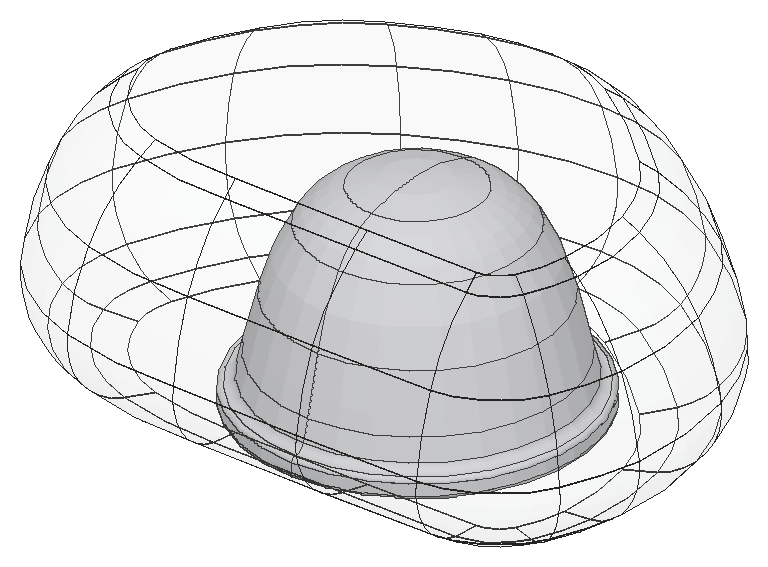
Revit family "Accessory-Drawer_Pull-KOHLER-Landshapes-K-34748-1", category Specialty Equipment, host Face, Revit 2021
Family settings
  Host = Face
  Round Connector Dimension = Use Diameter
  Part Type = Normal
  OmniClass Number = 23.21.19.17.13
  OmniClass Title = Casework Component Hardware
  Cut with Voids When Loaded = No
  Shared = No
  Room Calculation Point = No
Parameters (values of type "0L-Clear")
  Width = 4.03543"  # constant formula
  WaterSense Certified = 1 = 0  # no
  URL = "https://www.us.kohler.com/us/"
  Type = 1
  Product Page URL = "http://www.us.kohler.com/us/catalog/productDetails.jsp?productNumber=34748"
  Product Name = "Landshapes"  # constant formula
  Product Documentation Link = "https://www.us.kohler.com/webassets/kpna/catalog/pdf/en/K-34748_spec_US-CA_Kohler_en.pdf"
  Model = "K-34748-0L"  # constant formula
  Material = "Glass"  # constant formula
  Master Format 2014 Name = "Toilet, Bath, and Laundry Accessories"  # constant formula
  Master Format 2014 = "10 28 00"  # constant formula
  Manufacturer Address = "444 Highland Dr, Kohler, WI 53044"  # constant formula
  Manufacturer = "Kohler Co."  # constant formula
  Length = 1.87795"  # constant formula
  Height = 3.12992"  # constant formula
  Finish = Glass-GL-CR-PL
  Environmental Product Declaration = ""
  Description = "Vanity Hardware - Daniel Arsham"  # constant formula
  Default Elevation = 42"
  Declare Label = ""
  Date Modified = "05/07/2024"  # constant formula
  Date Created = "05/07/2024"  # constant formula
  Copyright = "Copyright Kohler Co."  # constant formula
  Contact Us = "https://www.us.kohler.com/us/static/contact.jsp"
  Assembly Code = "C1030200"
  ADA Compliant = 1 = 0  # no
Reference planes (in)
  plane 1 "Center (Front/Back)": y = 0
  plane 2: z = 0
  plane 3 "Center (Left/Right)": x = 0
  plane 4: y = 1.56299
  plane 5: x = -2.06299
  plane 6: x = 1.97244
  plane 7: y = -1.56693
  plane 8: z = 1.87795
  plane 9: z = 0.11811
  plane 10: y = 1.01969
  plane 11: y = -1.01969
Dimensions and locks (in)
  "Width": plane 5 to plane 6
  "Height": plane 7 to plane 4
  "Length": plane 8 to level
  plane 1 "Center (Front/Back)" to plane 4 = 1.56299"
  plane 3 "Center (Left/Right)" to plane 6 = 1.97244"
  plane 10 to plane 11 = 2.03937"
  level to plane 9 = 0.11811"
  aligned and locked: plane 2 to host face
  aligned and locked: level to host face
  aligned and locked: plane 3 "Center (Left/Right)" to nested 1
  aligned and locked: plane 4 to nested 1
  aligned and locked: plane 7 to nested 1
  aligned and locked: plane 5 to nested 1
  aligned and locked: plane 6 to nested 1
  aligned and locked: plane 11 to nested 1
Automatic sketch dimensions
  host sketch curve to host sketch curve = 96"  (x2)
Nested families (in)
  nested 1: "K-34748" at (0, 0, 0), type "K-34748"
Definition of nested family "K-34748"
  Parameters
    Material = none
    Default Elevation = 0"
  Reference planes (in)
    plane 1 "Center (Front/Back)": y = 0
    plane 2: z = 0
    plane 3 "Center (Left/Right)": x = 0
    plane 4: x = 1.97244
    plane 5: x = -2.06299
    plane 6: y = 1.56299
    plane 7: y = -1.56693
    plane 8: z = 1.87795
    plane 9: z = 0.11811
    plane 10: y = 1.01969
    plane 11: y = -1.01969
  Forms (in)
    Sweep 1, solid, material <- "Material", detail levels medium+fine
      path origin (0, 0, 0) x (1, 0, 0) y (0, 1, 0)
        loop
          arc (0.44206, -1.54065) -> (0.82921, -1.54927) -> (1.21609, -1.53238) r 5.8793
          arc (1.21609, -1.53238) -> (1.57501, -1.40845) -> (1.82722, -1.12461) r 0.75
          arc (1.82722, -1.12461) -> (1.91888, -0.89822) -> (1.97053, -0.6595) r 1.42465
          arc (1.97053, -0.6595) -> (1.98102, -0.29042) -> (1.91882, 0.07354) r 1.87096
          arc (1.91882, 0.07354) -> (1.75143, 0.47303) -> (1.48788, 0.81675) r 1.68767
          arc (1.48788, 0.81675) -> (1.14816, 1.11787) -> (0.77343, 1.3741) r 3.61996
          arc (0.77343, 1.3741) -> (0.4231, 1.52258) -> (0.04575, 1.57136) r 1.4017
          arc (0.04575, 1.57136) -> (-0.24433, 1.54675) -> (-0.52719, 1.47788) r 1.89016
          arc (-0.52719, 1.47788) -> (-0.81554, 1.36656) -> (-1.09065, 1.22564) r 2.94538
          arc (-1.09065, 1.22564) -> (-1.44953, 0.95477) -> (-1.7333, 0.606) r 1.86821
          arc (-1.7333, 0.606) -> (-1.88723, 0.32496) -> (-2.00563, 0.02719) r 2.61491
          arc (-2.00563, 0.02719) -> (-2.05458, -0.27208) -> (-2.00992, -0.57203) r 0.98224
          arc (-2.00992, -0.57203) -> (-1.67316, -1.12322) -> (-1.1162, -1.45037) r 1.32815
          arc (-1.1162, -1.45037) -> (-0.74109, -1.52686) -> (-0.35846, -1.5393) r 2.27284
          arc (-0.35846, -1.5393) -> (0.04181, -1.52926) -> (0.44206, -1.54065) r 7.48465
      profile origin (0.4231, 1.52258, 0) x (-0.261636, -0.965167, 0) y (0, 0, 1)
        loop
          arc (0.13793, 0.25995) -> (0.23916, 0.18848) -> (0.35631, 0.14807) r 0.44001
          arc (0.35631, 0.14807) -> (0.45158, 0.13161) -> (0.54743, 0.11896) r 2.43253
          line (0.54743, 0.11896) -> (0.54743, 1.59326)
          arc (0.54743, 1.59326) -> (0.49929, 1.55883) -> (0.45253, 1.52257) r 1.52712
          arc (0.45253, 1.52257) -> (0.26619, 1.33127) -> (0.13044, 1.1013) r 1.12005
          arc (0.13044, 1.1013) -> (0.04912, 0.87105) -> (0.00278, 0.63131) r 1.64528
          arc (0.00278, 0.63131) -> (0.02632, 0.4296) -> (0.13793, 0.25995) r 0.44001
    Extrusion 2, solid, material <- "Material", detail levels medium+fine
      sketch origin (0, 0, 0) x (1, 0, 0) y (0, 1, 0)
        loop
          arc (1.09979, 0.43066) -> (0.81145, 0.68625) -> (0.49338, 0.90373) r 3.07253
          arc (0.49338, 0.90373) -> (0.27987, 0.99422) -> (0.04989, 1.02395) r 0.85427
          arc (0.04989, 1.02395) -> (-0.15617, 1.00646) -> (-0.35711, 0.95754) r 1.34273
          arc (-0.35711, 0.95754) -> (-0.59187, 0.86691) -> (-0.81584, 0.75218) r 2.39795
          arc (-0.81584, 0.75218) -> (-1.06956, 0.56068) -> (-1.27019, 0.31412) r 1.32078
          arc (-1.27019, 0.31412) -> (-1.39189, 0.0919) -> (-1.4855, -0.14352) r 2.06748
          arc (-1.4855, -0.14352) -> (-1.50717, -0.276) -> (-1.4874, -0.40878) r 0.43481
          arc (-1.4874, -0.40878) -> (-1.28944, -0.73279) -> (-0.96205, -0.9251) r 0.78072
          arc (-0.96205, -0.9251) -> (-0.67728, -0.98316) -> (-0.38682, -0.9926) r 1.72541
          arc (-0.38682, -0.9926) -> (0.04274, -0.98184) -> (0.47226, -0.99406) r 8.03208
          arc (0.47226, -0.99406) -> (0.82336, -1.00187) -> (1.17422, -0.98655) r 5.33188
          arc (1.17422, -0.98655) -> (1.27116, -0.95308) -> (1.33928, -0.87642) r 0.20257
          arc (1.33928, -0.87642) -> (1.39572, -0.73702) -> (1.42753, -0.59003) r 0.87722
          arc (1.42753, -0.59003) -> (1.43495, -0.32894) -> (1.39095, -0.07147) r 1.32353
          arc (1.39095, -0.07147) -> (1.27785, 0.19843) -> (1.09979, 0.43066) r 1.14024
      from 0.11896 to 1.59326
    Revolve 3, solid
      sketch origin (0, 0, 0) x (0, 1, 0) y (0, 0, 1)
        loop
          arc (1, 0) -> (1.01392, 0.00577) -> (1.01969, 0.01969) r 0.01969
          line (1.01969, 0.01969) -> (1.01969, 0.09162)
          arc (1.01969, 0.09162) -> (1.01161, 0.11027) -> (0.99248, 0.11716) r 0.02559
          arc (0.99248, 0.11716) -> (0.95204, 0.12888) -> (0.92831, 0.16366) r 0.06225
          arc (0.92831, 0.16366) -> (0.91171, 0.22894) -> (0.89575, 0.29439) r 6.9278
          arc (0.89575, 0.29439) -> (0.85467, 0.46479) -> (0.81282, 0.635) r 39.45224
          arc (0.81282, 0.635) -> (0.74291, 0.84407) -> (0.64077, 1.03944) r 1.38824
          arc (0.64077, 1.03944) -> (0.52518, 1.16971) -> (0.37369, 1.25563) r 0.53155
          arc (0.37369, 1.25563) -> (0.18976, 1.30493) -> (0, 1.32068) r 1.06513
          line (0, 1.32068) -> (0, 0) -> (1, 0)
        axis (0, 1.32068) -> (0, 0)
      angle from 0 to 360
    Extrusion 4, solid, material <- "Material", detail levels coarse
      sketch origin (0, 0, 0) x (1, 0, 0) y (0, 1, 0)
        loop
          arc (0.44206, -1.54065) -> (0.82921, -1.54927) -> (1.21609, -1.53238) r 5.8793
          arc (1.21609, -1.53238) -> (1.57501, -1.40845) -> (1.82722, -1.12461) r 0.75
          arc (1.82722, -1.12461) -> (1.91888, -0.89822) -> (1.97053, -0.6595) r 1.42465
          arc (1.97053, -0.6595) -> (1.98102, -0.29042) -> (1.91882, 0.07354) r 1.87096
          arc (1.91882, 0.07354) -> (1.75143, 0.47303) -> (1.48788, 0.81675) r 1.68767
          arc (1.48788, 0.81675) -> (1.14816, 1.11787) -> (0.77343, 1.3741) r 3.61996
          arc (0.77343, 1.3741) -> (0.4231, 1.52258) -> (0.04575, 1.57136) r 1.4017
          arc (0.04575, 1.57136) -> (-0.24433, 1.54675) -> (-0.52719, 1.47788) r 1.89016
          arc (-0.52719, 1.47788) -> (-0.81554, 1.36656) -> (-1.09065, 1.22564) r 2.94538
          arc (-1.09065, 1.22564) -> (-1.44953, 0.95477) -> (-1.7333, 0.606) r 1.86821
          arc (-1.7333, 0.606) -> (-1.88723, 0.32496) -> (-2.00563, 0.02719) r 2.61491
          arc (-2.00563, 0.02719) -> (-2.05458, -0.27208) -> (-2.00992, -0.57203) r 0.98224
          arc (-2.00992, -0.57203) -> (-1.67316, -1.12322) -> (-1.1162, -1.45037) r 1.32815
          arc (-1.1162, -1.45037) -> (-0.74109, -1.52686) -> (-0.35846, -1.5393) r 2.27284
          arc (-0.35846, -1.5393) -> (0.04181, -1.52926) -> (0.44206, -1.54065) r 7.48465
      from 0.11896 to 1.59326
  Cuts and joins
    joined: Sweep 1, Extrusion 2
  Lines and regions (in)
    Masking region 1
      outline origin (0, 0, 0) x (1, 0, 0) y (0, 1, 0)
        loop
          arc (1.24761, -1.52591) -> (1.63755, -1.36835) -> (1.87274, -1.01969) r 0.7193
          arc (1.87274, -1.01969) -> (1.9315, -0.79636) -> (1.97244, -0.56909) r 2.92365
          line (1.97244, -0.56909) -> (1.97244, -0.53759)
          arc (1.97244, -0.53759) -> (1.9648, -0.28322) -> (1.9419, -0.02977) r 4.23669
          arc (1.9419, -0.02977) -> (1.89291, 0.15355) -> (1.8192, 0.3284) r 1.37775
          arc (1.8192, 0.3284) -> (1.56684, 0.72184) -> (1.23972, 1.0557) r 2.28538
          arc (1.23972, 1.0557) -> (1.09646, 1.16692) -> (0.94617, 1.26844) r 2.74662
          arc (0.94617, 1.26844) -> (0.42689, 1.49623) -> (-0.13621, 1.56299) r 1.92679
          arc (-0.13621, 1.56299) -> (-0.27596, 1.54162) -> (-0.41404, 1.5113) r 2.19592
          arc (-0.41404, 1.5113) -> (-0.62945, 1.44473) -> (-0.83689, 1.35642) r 2.19592
          arc (-0.83689, 1.35642) -> (-1.11164, 1.20318) -> (-1.36792, 1.02071) r 2.86249
          arc (-1.36792, 1.02071) -> (-1.42748, 0.97184) -> (-1.4857, 0.92138) r 2.86249
          arc (-1.4857, 0.92138) -> (-1.7821, 0.58272) -> (-1.98607, 0.18155) r 1.8151
          arc (-1.98607, 0.18155) -> (-2.04181, -0.02481) -> (-2.06299, -0.23751) r 1.30056
          arc (-2.06299, -0.23751) -> (-2.04226, -0.45838) -> (-1.97357, -0.66932) r 1.00496
          arc (-1.97357, -0.66932) -> (-1.73313, -1.03667) -> (-1.39256, -1.31374) r 1.42973
          arc (-1.39256, -1.31374) -> (-0.94752, -1.49407) -> (-0.4696, -1.54072) r 1.67505
          arc (-0.4696, -1.54072) -> (0.1411, -1.52816) -> (0.75163, -1.54733) r 11.76184
          arc (0.75163, -1.54733) -> (1.00016, -1.54909) -> (1.24761, -1.52591) r 2.47377
    Masking region 2
      outline origin (0, 0, 0) x (1, 0, 0) y (0, 0, 1)
        loop
          arc (0.98547, 0) -> (0.99939, 0.00577) -> (1.00516, 0.01969) r 0.01969
          line (1.00516, 0.01969) -> (1.00516, 0.08802)
          arc (1.00516, 0.08802) -> (1.00132, 0.10474) -> (0.99057, 0.11811) r 0.03832
          arc (0.99057, 0.11811) -> (1.03561, 0.11997) -> (1.08052, 0.12387) r 0.99642
          arc (1.08052, 0.12387) -> (1.22888, 0.14464) -> (1.37574, 0.17421) r 2.51261
          arc (1.37574, 0.17421) -> (1.5837, 0.2494) -> (1.7682, 0.37131) r 0.93559
          arc (1.7682, 0.37131) -> (1.9138, 0.55797) -> (1.97244, 0.78732) r 0.57855
          line (1.97244, 0.78732) -> (1.97244, 0.81882)
          arc (1.97244, 0.81882) -> (1.96338, 0.92497) -> (1.93645, 1.02806) r 0.62623
          arc (1.93645, 1.02806) -> (1.84542, 1.22571) -> (1.72016, 1.40366) r 1.19856
          arc (1.72016, 1.40366) -> (1.61933, 1.50086) -> (1.5013, 1.57625) r 0.7059
          arc (1.5013, 1.57625) -> (1.20235, 1.70608) -> (0.89012, 1.79959) r 2.74767
          arc (0.89012, 1.79959) -> (0.56898, 1.85675) -> (0.24348, 1.87795) r 2.93828
          line (0.24348, 1.87795) -> (0, 1.87795)
          arc (0, 1.87795) -> (-0.18819, 1.87717) -> (-0.37636, 1.87451) r 18.99691
          arc (-0.37636, 1.87451) -> (-0.52601, 1.86888) -> (-0.67536, 1.8577) r 4.03291
          arc (-0.67536, 1.8577) -> (-0.84967, 1.84162) -> (-1.02402, 1.82601) r 65.50434
          arc (-1.02402, 1.82601) -> (-1.30423, 1.77475) -> (-1.57014, 1.67257) r 1.53425
          arc (-1.57014, 1.67257) -> (-1.78242, 1.52142) -> (-1.93685, 1.31151) r 0.82348
          arc (-1.93685, 1.31151) -> (-1.94952, 1.28632) -> (-1.96172, 1.2609) r 1.51494
          arc (-1.96172, 1.2609) -> (-2.03557, 1.04709) -> (-2.06299, 0.82255) r 1.07359
          arc (-2.06299, 0.82255) -> (-2.0455, 0.67557) -> (-1.98958, 0.53852) r 0.55214
          arc (-1.98958, 0.53852) -> (-1.81813, 0.33989) -> (-1.58517, 0.21914) r 0.69374
          arc (-1.58517, 0.21914) -> (-1.35036, 0.16086) -> (-1.11128, 0.12377) r 2.7086
          arc (-1.11128, 0.12377) -> (-1.06643, 0.11987) -> (-1.02146, 0.11801) r 0.99642
          arc (-1.02146, 0.11801) -> (-1.03211, 0.10467) -> (-1.03591, 0.08802) r 0.03832
          line (-1.03591, 0.08802) -> (-1.03591, 0.01969)
          arc (-1.03591, 0.01969) -> (-1.03015, 0.00577) -> (-1.01623, 0) r 0.01969
          line (-1.01623, 0) -> (0.98547, 0)
    Masking region 3
      outline origin (0, 0, 0) x (0, 1, 0) y (0, 0, 1)
        loop
          arc (1, 0) -> (1.01392, 0.00577) -> (1.01969, 0.01969) r 0.01969
          line (1.01969, 0.01969) -> (1.01969, 0.09843)
          arc (1.01969, 0.09843) -> (1.01392, 0.11234) -> (1, 0.11811) r 0.01969
          arc (1, 0.11811) -> (1.09341, 0.12524) -> (1.18548, 0.14256) r 0.85439
          arc (1.18548, 0.14256) -> (1.23774, 0.15677) -> (1.28924, 0.17356) r 1.09351
          arc (1.28924, 0.17356) -> (1.42452, 0.25314) -> (1.52016, 0.37758) r 0.41144
          arc (1.52016, 0.37758) -> (1.54998, 0.45673) -> (1.56299, 0.5403) r 0.41144
          line (1.56299, 0.5403) -> (1.56299, 0.63169)
          arc (1.56299, 0.63169) -> (1.558, 0.70356) -> (1.54553, 0.7745) r 0.68752
          arc (1.54553, 0.7745) -> (1.50081, 0.93499) -> (1.44179, 1.09079) r 1.844
          arc (1.44179, 1.09079) -> (1.3336, 1.28867) -> (1.19066, 1.46311) r 1.21343
          arc (1.19066, 1.46311) -> (0.96966, 1.64106) -> (0.71431, 1.76477) r 1.25404
          arc (0.71431, 1.76477) -> (0.52891, 1.82007) -> (0.33907, 1.85738) r 2.02064
          arc (0.33907, 1.85738) -> (0.19377, 1.87319) -> (0.04769, 1.87795) r 1.93065
          line (0.04769, 1.87795) -> (-0.12863, 1.87795)
          arc (-0.12863, 1.87795) -> (-0.39719, 1.8647) -> (-0.66099, 1.81259) r 1.84645
          arc (-0.66099, 1.81259) -> (-0.77533, 1.77823) -> (-0.88789, 1.73842) r 2.48811
          arc (-0.88789, 1.73842) -> (-0.99897, 1.68473) -> (-1.09918, 1.61276) r 0.71557
          arc (-1.09918, 1.61276) -> (-1.19738, 1.52155) -> (-1.28809, 1.42291) r 1.70319
          arc (-1.28809, 1.42291) -> (-1.3693, 1.31736) -> (-1.43991, 1.20446) r 1.3755
          arc (-1.43991, 1.20446) -> (-1.47396, 1.13685) -> (-1.50193, 1.06651) r 0.86017
          arc (-1.50193, 1.06651) -> (-1.53432, 0.95695) -> (-1.55629, 0.84483) r 1.21605
          arc (-1.55629, 0.84483) -> (-1.56279, 0.7926) -> (-1.56693, 0.74014) r 1.1653
          arc (-1.56693, 0.74014) -> (-1.55466, 0.64131) -> (-1.54021, 0.54277) r 4.50622
          arc (-1.54021, 0.54277) -> (-1.46258, 0.34746) -> (-1.30869, 0.20431) r 0.47805
          arc (-1.30869, 0.20431) -> (-1.23563, 0.16774) -> (-1.15852, 0.14073) r 0.64341
          arc (-1.15852, 0.14073) -> (-1.08001, 0.12419) -> (-1, 0.11811) r 0.60955
          arc (-1, 0.11811) -> (-1.01392, 0.11234) -> (-1.01969, 0.09843) r 0.01969
          line (-1.01969, 0.09843) -> (-1.01969, 0.01969)
          arc (-1.01969, 0.01969) -> (-1.01392, 0.00577) -> (-1, 0) r 0.01969
          line (-1, 0) -> (1, 0)
    symbolic lines, detail levels medium+fine
      curve 1: arc (-1.36921, 1.01969, 0) -> (0.29351, 0.02601, 0) -> (1.76969, -1.22814, 0) r 11.7108
      curve 2: line (0.99057, 0, 0.11811) -> (-1.02146, 0, 0.11801)
      curve 3: line (1.00516, 0, 0.08802) -> (-1.03591, 0, 0.08802)
      curve 4: line (1.00516, 0, 0.01969) -> (-1.03591, 0, 0.01969)
      curve 5: arc (1.40869, 0, 1.4233) -> (1.6054, 0, 1.04388) -> (1.63964, 0, 0.61788) r 1.08064
      curve 6: arc (0.89012, 0, 1.79959) -> (1.17455, 0, 1.6461) -> (1.40869, 0, 1.4233) r 1.21996
      curve 7: arc (1.63964, 0, 0.61788) -> (1.55471, 0, 0.36808) -> (1.37574, 0, 0.17421) r 0.63623
      curve 8: line (0, 1, 0.11811) -> (0, -1, 0.11811)
      curve 9: line (0, -1.01969, 0.09843) -> (0, 1.01969, 0.09843)
      curve 10: line (0, 1.01969, 0.01969) -> (0, -1.01969, 0.01969)
  Dimensions and locks (in)
    plane 5 to plane 4 = 4.03543"
    plane 6 to plane 7 = 3.12992"
    plane 1 "Center (Front/Back)" to plane 6 = 1.56299"
    plane 3 "Center (Left/Right)" to plane 4 = 1.97244"
    plane 8 to level = 1.87795"
    plane 10 to plane 11 = 2.03937"
    plane 9 to level = 0.11811"
    aligned and locked: plane 2 to level
